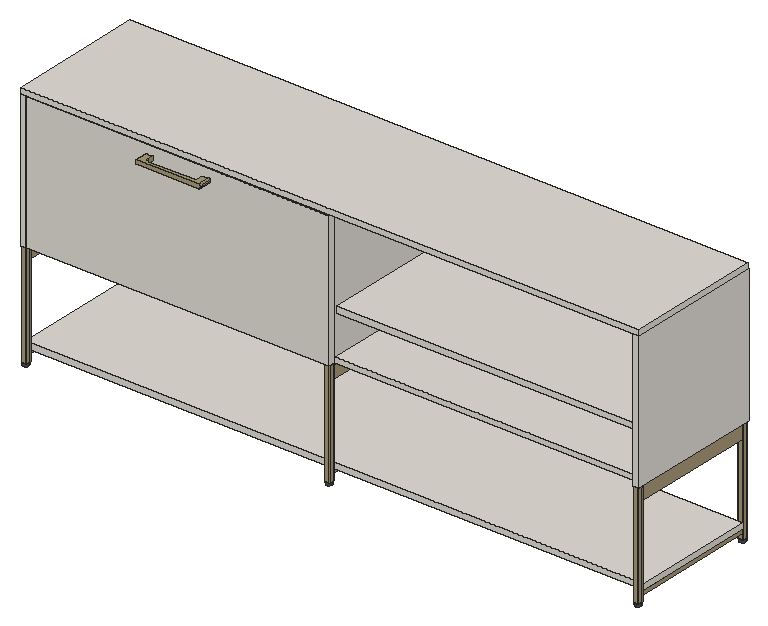
Revit family "Storage-Teknion-LWBHD-Byward_High_Cabinate_Casual_Drawer-R2022", category Furniture, Revit 2022 (continued)
Dimensions and locks (in)
  locked: Revolve 27 sketch curve to plane 5 "Right" at 0.34545
  locked: plane 8 "Top" to plane 9 at 2
  Revolve 29 sketch curve to Revolve 29 sketch curve to plane 10 "Right Divider" = 0.24977" locked, 0.12823" locked
  Revolve 29 sketch curve to Revolve 29 sketch curve to plane 2 = 0.075" locked, 0.250" locked
  Revolve 30 sketch curve to Revolve 30 sketch curve to Revolve 30 sketch curve to plane 10 "Right Divider" = 0.24977" locked, 0.12823" locked, 0.000" locked
  plane 2 to Revolve 30 sketch curve to Revolve 30 sketch curve = 0.250" locked, 0.075" locked
  aligned and locked: level to plane 2
  aligned and locked: Sweep 1 sketch curve to plane 3 "Center Left/Right"
  aligned and locked: plane 8 "Top" to Sweep 1 sketch curve
  aligned and locked: plane 4 "Left" to Sweep 1 sketch curve
  aligned and locked: plane 5 "Right" to Sweep 1 sketch curve
  aligned and locked: Sweep 1 sketch curve to plane 7 "Front"
  aligned and locked: Sweep 1 sketch curve to plane 6 "Back"
  aligned and locked: Sweep 2 sketch curve to plane 3 "Center Left/Right"
  aligned and locked: plane 6 "Back" to Sweep 2 sketch curve
  aligned and locked: plane 7 "Front" to Sweep 2 sketch curve
  aligned and locked: Sweep 2 sketch curve to plane 4 "Left"
  aligned and locked: Sweep 2 sketch curve to plane 5 "Right"
  aligned and locked: Sweep 3 sketch curve to plane 3 "Center Left/Right"
  aligned and locked: Sweep 3 sketch curve to plane 4 "Left"
  aligned and locked: Sweep 3 sketch curve to plane 5 "Right"
  aligned and locked: Sweep 4 sketch curve to plane 6 "Back"  (x2)
  aligned and locked: plane 3 "Center Left/Right" to Sweep 6 sketch curve
  aligned and locked: Sweep 8 sketch curve to plane 3 "Center Left/Right"
  aligned and locked: Sweep 9 sketch curve to plane 3 "Center Left/Right"
  aligned and locked: Sweep 13 sketch curve to plane 7 "Front"
  aligned and locked: plane 10 "Right Divider" to Sweep 7 sketch curve
  aligned and locked: plane 10 "Right Divider" to Sweep 14 sketch curve
  aligned and locked: plane 7 "Front" to Sweep 18 sketch curve
  aligned and locked: Sweep 5 sketch curve to plane 10 "Right Divider"
  aligned and locked: Sweep 22 sketch curve to plane 3 "Center Left/Right"
  aligned and locked: nested 3 to plane 9
  aligned and locked: nested 3 to plane 7 "Front"
  aligned and locked: plane 11 to nested 2
  aligned and locked: nested 4 to plane 12
  aligned and locked: nested 4 to plane 7 "Front"
  aligned and locked: nested 1 to plane 12
  aligned and locked: nested 5 to plane 9
  aligned and locked: plane 11 to nested 5
  aligned and locked: plane 7 "Front" to nested 5
  aligned and locked: nested 6 to plane 12
  aligned and locked: nested 6 to plane 7 "Front"
  aligned and locked: plane 9 to nested 6
  aligned and locked: plane 11 to Sweep 23 sketch curve
  aligned and locked: plane 12 to Sweep 24 sketch curve
  aligned and locked: Sweep 24 sketch curve to plane 7 "Front"
  aligned and locked: Masking region 1 sketch curve to Sweep 1  (x4)
  aligned and locked: curve 1 to Sweep 2
  aligned and locked: curve 2 to Sweep 2
  aligned and locked: curve 3 to Sweep 2
  aligned and locked: curve 4 to Sweep 2
  aligned and locked: curve 5 to Sweep 2
  aligned and locked: curve 6 to Sweep 2
  aligned and locked: curve 7 to Sweep 2
  aligned and locked: Sweep 2 to curve 8
  aligned and locked: curve 9 to cut or joined group of Sweep 5, Sweep 21
  aligned and locked: curve 10 to cut or joined group of Sweep 5, Sweep 21
  aligned and locked: curve 11 to cut or joined group of Sweep 5, Sweep 21
  aligned and locked: curve 12 to cut or joined group of Sweep 5, Sweep 21
  aligned and locked: curve 13 to Sweep 18
  aligned and locked: curve 14 to Sweep 18
  aligned and locked: curve 15 to Sweep 18
  aligned and locked: curve 16 to Sweep 18
  aligned and locked: curve 17 to Sweep 13
  aligned and locked: curve 18 to Sweep 13
  aligned and locked: curve 19 to Sweep 13
  aligned and locked: curve 20 to Sweep 13
  aligned and locked: curve 21 to Sweep 4
  aligned and locked: curve 22 to Sweep 4
  aligned and locked: curve 23 to Sweep 4
  aligned and locked: curve 24 to Sweep 4
  aligned and locked: curve 25 to Sweep 15
  aligned and locked: curve 26 to Sweep 15
  aligned and locked: curve 27 to Sweep 15
  aligned and locked: curve 28 to Sweep 15
  aligned and locked: curve 29 to Sweep 16
  aligned and locked: curve 30 to Sweep 16
  aligned and locked: curve 31 to Sweep 16
  aligned and locked: curve 32 to Sweep 16
  aligned and locked: curve 33 to Sweep 16
  aligned and locked: curve 34 to Sweep 16
  aligned and locked: curve 35 to Sweep 16
  aligned and locked: curve 36 to Sweep 16
  aligned and locked: curve 37 to Sweep 10
  aligned and locked: curve 38 to Sweep 10
  aligned and locked: curve 39 to Sweep 10
  aligned and locked: curve 40 to Sweep 10
  aligned and locked: curve 41 to Sweep 11
  aligned and locked: curve 42 to Sweep 11
  aligned and locked: curve 43 to Sweep 11
  aligned and locked: curve 44 to Sweep 11
  aligned and locked: curve 45 to Sweep 11
  aligned and locked: curve 46 to Sweep 11
  aligned and locked: curve 47 to Sweep 11
  aligned and locked: curve 48 to Sweep 11
  aligned and locked: curve 49 to Sweep 19
  aligned and locked: curve 50 to Sweep 19
  aligned and locked: curve 51 to Sweep 19
  aligned and locked: curve 52 to Sweep 19
  aligned and locked: curve 53 to Sweep 9
  aligned and locked: curve 54 to Sweep 9
  aligned and locked: curve 55 to Sweep 9
  aligned and locked: curve 56 to Sweep 9
  aligned and locked: curve 57 to Sweep 22
  aligned and locked: curve 58 to Sweep 22
  aligned and locked: curve 59 to Sweep 22
  aligned and locked: curve 60 to Sweep 22
  aligned and locked: curve 61 to Sweep 3
  aligned and locked: curve 62 to Sweep 3
  aligned and locked: curve 63 to Sweep 3
  aligned and locked: curve 64 to Sweep 3
  aligned and locked: curve 65 to cut or joined group of Sweep 8, Sweep 21
  aligned and locked: curve 66 to cut or joined group of Sweep 8, Sweep 21
  aligned and locked: curve 67 to cut or joined group of Sweep 8, Sweep 21
  aligned and locked: curve 68 to cut or joined group of Sweep 8, Sweep 21
  aligned and locked: curve 69 to cut or joined group of Sweep 8, Sweep 21
  aligned and locked: curve 70 to cut or joined group of Sweep 8, Sweep 21
  aligned and locked: curve 71 to cut or joined group of Sweep 8, Sweep 21
  aligned and locked: curve 72 to cut or joined group of Sweep 8, Sweep 21
  aligned and locked: curve 73 to cut or joined group of Sweep 8, Sweep 21
  aligned and locked: cut or joined group of Sweep 8, Sweep 21 to curve 74
  aligned and locked: plane 7 "Front" to Sweep 23 sketch curve
  aligned and locked: nested 2 to plane 7 "Front"
  aligned and locked: plane 7 "Front" to nested 1
  aligned and locked: curve 75 to cut or joined group of Sweep 20, Sweep 21
  aligned and locked: curve 76 to cut or joined group of Sweep 20, Sweep 21
  aligned and locked: curve 77 to cut or joined group of Sweep 20, Sweep 21
  aligned and locked: curve 78 to cut or joined group of Sweep 20, Sweep 21
  aligned and locked: curve 79 to cut or joined group of Sweep 20, Sweep 21
  aligned and locked: curve 80 to cut or joined group of Sweep 14, Sweep 21
  aligned and locked: curve 81 to cut or joined group of Sweep 14, Sweep 21
  aligned and locked: curve 82 to cut or joined group of Sweep 14, Sweep 21
  aligned and locked: curve 83 to cut or joined group of Sweep 14, Sweep 21
  aligned and locked: curve 85 to Sweep 6
  aligned and locked: curve 87 to Sweep 6
  aligned and locked: curve 89 to Sweep 6
  aligned and locked: curve 91 to Sweep 6
  aligned and locked: curve 93 to Sweep 6
  aligned and locked: curve 95 to Sweep 6
  aligned and locked: curve 97 to Sweep 6
  aligned and locked: curve 99 to Sweep 6
  aligned and locked: curve 101 to Sweep 6
  aligned and locked: curve 103 to Sweep 6
  aligned and locked: curve 105 to Sweep 6
  aligned and locked: curve 107 to Sweep 6
  aligned and locked: curve 109 to Sweep 6
  aligned and locked: curve 111 to Sweep 6
  aligned and locked: curve 113 to Sweep 6
  aligned and locked: curve 115 to Sweep 6
  aligned and locked: curve 117 to Sweep 7
  aligned and locked: curve 119 to Sweep 7
  aligned and locked: curve 121 to Sweep 7
  aligned and locked: curve 123 to Sweep 7
  aligned and locked: curve 125 to Sweep 7
  aligned and locked: curve 127 to Sweep 7
  aligned and locked: curve 129 to Sweep 7
  aligned and locked: curve 130 to Sweep 7
  aligned and locked: plane 2 to Revolve 28 sketch curve
  aligned and locked: plane 2 to Revolve 25 sketch curve
  aligned and locked: curve 131 to Revolve 28
  aligned and locked: curve 132 to Revolve 28
  aligned and locked: curve 133 to Revolve 28
  aligned and locked: curve 134 to Revolve 28
  aligned and locked: nested 3 to plane 11
  aligned and locked: Revolve 26 sketch curve to plane 2
  aligned and locked: plane 2 to Revolve 27 sketch curve
  aligned and locked: nested 2 to plane 9
  aligned and locked: nested 1 to plane 9
  aligned and locked: plane 9 to nested 4
  aligned and locked: Masking region 2 sketch curve to Sweep 23  (x4)
  aligned and locked: Masking region 3 sketch curve to Sweep 24  (x4)
  aligned and locked: curve 135 to cut or joined group of Sweep 20, Sweep 21
  aligned and locked: Revolve 29 sketch curve to plane 2
  aligned and locked: plane 10 "Right Divider" to Revolve 29 sketch curve  (x2)
  aligned and locked: curve 136 to Revolve 30
  aligned and locked: curve 137 to Revolve 30
  aligned and locked: curve 138 to Revolve 30
  aligned and locked: curve 139 to Revolve 30
  aligned and locked: curve 140 to Revolve 30
  aligned and locked: curve 141 to Revolve 30
  aligned and locked: curve 142 to Revolve 29
  aligned and locked: curve 143 to Revolve 29
  aligned and locked: curve 144 to Revolve 29
  aligned and locked: curve 145 to Revolve 29
  aligned and locked: curve 146 to Revolve 29
  aligned and locked: curve 147 to Revolve 29
  aligned and locked: curve 148 to Revolve 25
  aligned and locked: curve 149 to Revolve 25
  aligned and locked: curve 150 to Revolve 25
  aligned and locked: curve 151 to Revolve 25
  aligned and locked: curve 152 to Revolve 25
  aligned and locked: curve 153 to Revolve 28
  aligned and locked: curve 154 to Revolve 28
  aligned and locked: curve 155 to Revolve 27
  aligned and locked: curve 156 to Revolve 27
  aligned and locked: curve 157 to Revolve 27
  aligned and locked: curve 158 to Revolve 27
  aligned and locked: curve 159 to Revolve 27
  aligned and locked: curve 160 to Revolve 27
  aligned and locked: curve 161 to Revolve 26
  aligned and locked: curve 162 to Revolve 26
  aligned and locked: curve 163 to Revolve 26
  aligned and locked: curve 164 to Revolve 26
  aligned and locked: curve 165 to Revolve 26
  aligned and locked: curve 166 to Revolve 26
  aligned and locked: curve 167 to Sweep 1
  aligned and locked: curve 168 to Sweep 1
  aligned and locked: curve 169 to Sweep 1
  aligned and locked: curve 170 to Sweep 1
  aligned and locked: plane 4 "Left" to nested 7
  aligned and locked: nested 7 to plane 6 "Back"
  aligned and locked: plane 7 "Front" to nested 8
  aligned and locked: plane 4 "Left" to nested 8
  aligned and locked: plane 7 "Front" to nested 9
  aligned and locked: nested 9 to plane 5 "Right"
  aligned and locked: nested 10 to plane 6 "Back"
  aligned and locked: nested 10 to plane 5 "Right"
  aligned and locked: plane 3 "Center Left/Right" to nested 11
  aligned and locked: plane 1 "Center Front/Back" to nested 11
Automatic sketch dimensions
  Sweep 6 sketch curve to Sweep 6 sketch curve = 0.0868"  (x4)
  Sweep 6 sketch curve to Sweep 6 sketch curve = 0.0932"  (x4)
  Sweep 6 sketch curve to Sweep 6 sketch curve = 0.0676"  (x2)
  Sweep 6 sketch curve to Sweep 6 sketch curve = 0.0876"  (x2)
  Sweep 6 sketch curve to Sweep 6 sketch curve = 0.0924"  (x2)
  Sweep 6 sketch curve to Sweep 6 sketch curve = 0.1236"  (x2)
  Sweep 7 sketch curve to Sweep 7 sketch curve = 0.090"  (x6)
  Sweep 7 sketch curve to Sweep 7 sketch curve = 0.1012"  (x2)
  Sweep 21 sketch curve to Sweep 21 sketch curve = 0.50794"
  Sweep 23 sketch curve to Sweep 23 sketch curve = 0.31972"  (x2)
  Sweep 23 sketch curve to Sweep 23 sketch curve = 0.36226"
  Sweep 23 sketch curve to Sweep 23 sketch curve = 0.36234"
  Sweep 23 sketch curve to Sweep 23 sketch curve = 0.000"
  Sweep 23 sketch curve to Sweep 23 sketch curve = 0.31968"
  Sweep 24 sketch curve to Sweep 24 sketch curve = 0.36226"
  Sweep 24 sketch curve to Sweep 24 sketch curve = 0.36234"
  Sweep 24 sketch curve to Sweep 24 sketch curve = 0.31972"  (x2)
  Sweep 24 sketch curve to Sweep 24 sketch curve = 0.00008"
  Revolve 25 sketch curve to Revolve 25 sketch curve = 0.040"
  Revolve 25 sketch curve to level = 0.175"
  Revolve 25 sketch curve to Revolve 25 sketch curve = 0.2882"
  Revolve 28 sketch curve to Revolve 28 sketch curve = 0.040"
  level to Revolve 28 sketch curve = 0.175"
  Revolve 28 sketch curve to Revolve 28 sketch curve = 0.2882"
  Revolve 26 sketch curve to Revolve 26 sketch curve = 0.040"
  Revolve 26 sketch curve to Revolve 26 sketch curve = 0.175"
  Revolve 26 sketch curve to Revolve 26 sketch curve = 0.2882"
  Revolve 27 sketch curve to Revolve 27 sketch curve = 0.338"
  Revolve 27 sketch curve to Revolve 27 sketch curve = 0.175"
  Revolve 27 sketch curve to Revolve 27 sketch curve = 0.2882"
  plane 7 "Front" to Masking region 2 sketch curve = 0.36226"
  Masking region 2 sketch curve to Masking region 2 sketch curve = 0.31972"  (x2)
  Masking region 2 sketch curve to Masking region 2 sketch curve = 0.31968"
  Masking region 2 sketch curve to Masking region 2 sketch curve = 0.000"
  Masking region 3 sketch curve to Masking region 3 sketch curve = 0.31972"  (x2)
  plane 7 "Front" to Masking region 3 sketch curve = 0.36234"
  plane 7 "Front" to Masking region 3 sketch curve = 0.36226"
  Masking region 3 sketch curve to Masking region 3 sketch curve = 0.000"
  Revolve 29 sketch curve to Revolve 29 sketch curve = 0.040"
  Revolve 29 sketch curve to level = 0.175"
  Revolve 29 sketch curve to Revolve 29 sketch curve = 0.2882"
  Revolve 30 sketch curve to level = 0.000"
  Revolve 30 sketch curve to Revolve 30 sketch curve = 0.040"
  plane 10 "Right Divider" to Revolve 30 sketch curve = 0.000"
  level to Revolve 30 sketch curve = 0.175"
  Revolve 30 sketch curve to Revolve 30 sketch curve = 0.2882"
  curve 81 to plane 14 "B1" = 0.30177"
  curve 49 to curve 83 = 0.078"
  curve 83 to curve 82 = 0.03505"
  curve 83 to curve 82 = 0.000"
  curve 169 to plane 4 "Left" = 0.000"
  curve 169 to plane 5 "Right" = 0.000"
  plane 7 "Front" to curve 169 = 0.000"
  curve 168 to plane 6 "Back" = 0.000"
Nested families (in)
  nested 1: "Byward Pull Handle" at (17.3125, -8, -36), visible <- "Right Byward Handle", Handle Leather Finish <- "Byward Pull Handle Leather Finish", type "Byward Pull"
    with To render please download texture images found here "https://assets.teknion.com/web/5e81352c1dfdb467/revit-material-swatches/", How To Use Teknion Materials User Guide "https://assets.teknion.com/m/205dd0a49fa58060/original/How-to-add-a-Material-Library-and-Texture-Images-to-your-Revit-project.pdf", Handle Leather Finish Leather-Teknion-N68-Natural, For Additional Finishes please visit "https://assets.teknion.com/m/44a8009b046e5d47/original/Teknion_Materials_Library.zip"
  nested 2: "Byward Pull Handle" at (-17.9995, -8, -36) x (-1, 0, 0) z (0, 0, 1), visible <- "Left Byward Pull Handle", Handle Leather Finish <- "Byward Pull Handle Leather Finish", type "Byward Pull"
    with To render please download texture images found here "https://assets.teknion.com/web/5e81352c1dfdb467/revit-material-swatches/", How To Use Teknion Materials User Guide "https://assets.teknion.com/m/205dd0a49fa58060/original/How-to-add-a-Material-Library-and-Texture-Images-to-your-Revit-project.pdf", Handle Leather Finish Leather-Teknion-N68-Natural, For Additional Finishes please visit "https://assets.teknion.com/m/44a8009b046e5d47/original/Teknion_Materials_Library.zip"
  nested 3: "Rectangular Pull Handle" at (-17.9995, -8, -36), visible <- "Left Rectangular Pull Handle", Handle Paint Finish <- "Metal Leg & Handle Finish", type "Rectangular Pull"
    with To render please download texture images found here "https://assets.teknion.com/web/5e81352c1dfdb467/revit-material-swatches/", How To Use Teknion Materials User Guide "https://assets.teknion.com/m/205dd0a49fa58060/original/How-to-add-a-Material-Library-and-Texture-Images-to-your-Revit-project.pdf", Handle Paint Finish Paint - Teknion - CQ - Accent - Soft Gold, For Additional Finishes please visit "https://assets.teknion.com/m/44a8009b046e5d47/original/Teknion_Materials_Library.zip"
  nested 4: "Rectangular Pull Handle" at (17.3125, -8, -36) x (-1, 0, 0) z (0, 0, 1), visible <- "Right Rectangular Pull Handle", Handle Paint Finish <- "Metal Leg & Handle Finish", type "Rectangular Pull"
    with To render please download texture images found here "https://assets.teknion.com/web/5e81352c1dfdb467/revit-material-swatches/", How To Use Teknion Materials User Guide "https://assets.teknion.com/m/205dd0a49fa58060/original/How-to-add-a-Material-Library-and-Texture-Images-to-your-Revit-project.pdf", Handle Paint Finish Paint - Teknion - CQ - Accent - Soft Gold, For Additional Finishes please visit "https://assets.teknion.com/m/44a8009b046e5d47/original/Teknion_Materials_Library.zip"
  nested 5: "Modern_Straight_Pull Handle" at (-17.9995, -8, -36), visible <- "Left Modern Straight (ADA) Handle", Handle Paint Finish <- "Metal Leg & Handle Finish", type "Modern Straight Pull"
    with To render please download texture images found here "https://assets.teknion.com/web/5e81352c1dfdb467/revit-material-swatches/", How To Use Teknion Materials User Guide "https://assets.teknion.com/m/205dd0a49fa58060/original/How-to-add-a-Material-Library-and-Texture-Images-to-your-Revit-project.pdf", Handle Paint Finish Paint - Teknion - CQ - Accent - Soft Gold, For Additional Finishes please visit "https://assets.teknion.com/m/44a8009b046e5d47/original/Teknion_Materials_Library.zip"
  nested 6: "Modern_Straight_Pull Handle" at (17.3125, -8, -36) x (-1, 0, 0) z (0, 0, 1), visible <- "Right Modern Straight (ADA) Handle", Handle Paint Finish <- "Metal Leg & Handle Finish", type "Modern Straight Pull"
    with To render please download texture images found here "https://assets.teknion.com/web/5e81352c1dfdb467/revit-material-swatches/", How To Use Teknion Materials User Guide "https://assets.teknion.com/m/205dd0a49fa58060/original/How-to-add-a-Material-Library-and-Texture-Images-to-your-Revit-project.pdf", Handle Paint Finish Paint - Teknion - CQ - Accent - Soft Gold, For Additional Finishes please visit "https://assets.teknion.com/m/44a8009b046e5d47/original/Teknion_Materials_Library.zip"
  nested 7: "Teknion_2D_Node_Family-R2021" at (-36.3435, 8, 0), type "Teknion_2D_Node_Family-R2021"
  nested 8: "Teknion_2D_Node_Family-R2021" at (-36.3435, -8, 0), type "Teknion_2D_Node_Family-R2021"
  nested 9: "Teknion_2D_Node_Family-R2021" at (35.6565, -8, 0), type "Teknion_2D_Node_Family-R2021"
  nested 10: "Teknion_2D_Node_Family-R2021" at (35.6565, 8, 0), type "Teknion_2D_Node_Family-R2021"
  nested 11: "Teknion_2D_Node_Family-R2021" at (-0.3435, 0, 0), type "Teknion_2D_Node_Family-R2021"
Definition of nested family "Byward Pull Handle"
  Parameters (values of type "Byward Pull")
    Width = 0.000"
    Warranty = "http://www.teknion.com/ca/papers/legal-canada"
    Unit Weight URL = "http://www.teknion.com/ca/tools/assets#&asset=bee6a381-b954-425e-8283-5a2de3a804f2,f828d448-4b62-4231-9e5f-9a8991c0ed77"
    URL = "www.teknion.com"
    To render please download texture images found here [instance] = "https://assets.teknion.com/web/5e81352c1dfdb467/revit-material-swatches/"
    Sustainability Data = "https://www.teknion.com/ca/tools/assets#&topic=216f99a5-57a0-44fc-b10a-9dee9b29ae4c&asset=444deb64-fe58-4b68-981e-f75e97781df7,b4ff2d81-9f2e-437d-9659-7cffb09c31cf"
    Series = ""
    Product Page URL = ""
    Product Line = ""
    Product Documentation Link = ""
    Part Number = ""
    Model = "1"
    Manufacturer Phone = "416-661-3370"  # constant formula
    Manufacturer Fax = "416.661.4586"  # constant formula
    Manufacturer Contact Information = "http://www.teknion.com/ca/contactus"
    Manufacturer Address = "1150 Flint Road, Toronto, ON. M3J 2J5. Canada"  # constant formula
    Manufacturer = "Teknion"  # constant formula
    Length = 0.000"
    How To Use Teknion Materials User Guide [instance] = "https://assets.teknion.com/m/205dd0a49fa58060/original/How-to-add-a-Material-Library-and-Texture-Images-to-your-Revit-project.pdf"
    Height = 63.000"
    Handle Paint Finish = none
    Handle Leather Finish [instance] = none
    For Additional Finishes please visit [instance] = "https://assets.teknion.com/m/44a8009b046e5d47/original/Teknion_Materials_Library.zip"
    Depth = 0.000"
    Default Elevation = 0.000"
    Byward Pull Handle = yes
    Assembly Code = "E2020200"
  Reference planes (in)
    plane 1 "Center Front/Back": y = 0
    plane 2: z = 0
    plane 3 "Center Left/Right": x = 0
    plane 4 "Left": x = -51
    plane 5 "Right": x = 51
    plane 6 "Back": y = 41.78173
    plane 7 "Front": y = -41.78173
    plane 8 "Top": z = 63
  Forms (in)
    Sweep 1, solid, material <- "Handle Leather Finish", visible <- "Byward Pull Handle"
      path origin (-18.69853, 20.8797, 86.441) x (0, 0, -1) y (0, -1, 0)
        loop
          line (22.941, 3) -> (23.941, 3)
      profile origin (-18.69853, 17.8797, 63) x (-1, 0, 0) y (0, -1, 0)
        loop
          line (-15.89549, 18.1947) -> (-16.46083, 18.21666)
          spline (-16.46083, 18.21666) -> (-17.12545, 18.29802) -> (-17.53202, 18.34627) -> (-17.78142, 18.37234) -> (-17.97395, 18.38713) -> (-18.17376, 18.39782) -> (-18.38749, 18.40567) -> (-18.61667, 18.41145) -> (-18.87083, 18.41393) -> (-19.18701, 18.40512) -> (-19.60814, 18.3756) -> (-20.17714, 18.31592) -> (-20.93695, 18.21666)
          line (-20.93695, 18.21666) -> (-21.51146, 18.1947) -> (-22.18392, 18.1947)
          arc (-22.18392, 18.1947) -> (-22.28504, 18.16224) -> (-22.32835, 18.06527) r 0.1302
          line (-22.32835, 18.06527) -> (-22.32835, 18.00913)
          arc (-22.32835, 18.00913) -> (-22.28504, 17.91216) -> (-22.18392, 17.8797) r 0.1302
          line (-22.18392, 17.8797) -> (-21.50158, 17.8797) -> (-21.50158, 17.9777) -> (-22.1985, 17.9777)
          arc (-22.1985, 17.9777) -> (-22.22072, 17.9869) -> (-22.22992, 18.00913) r 0.03143
          line (-22.22992, 18.00913) -> (-22.22992, 18.06527)
          arc (-22.22992, 18.06527) -> (-22.22072, 18.0875) -> (-22.1985, 18.0967) r 0.03143
          line (-22.1985, 18.0967) -> (-21.50033, 18.0967) -> (-20.93695, 18.11823)
          spline (-20.93695, 18.11823) -> (-20.17714, 18.2175) -> (-19.60814, 18.27717) -> (-19.18701, 18.3067) -> (-18.87083, 18.3155) -> (-18.61667, 18.31302) -> (-18.38749, 18.30725) -> (-18.17376, 18.29939) -> (-17.97395, 18.2887) -> (-17.78142, 18.27391) -> (-17.53202, 18.24784) -> (-17.12545, 18.1996) -> (-16.46083, 18.11823)
          line (-16.46083, 18.11823) -> (-15.89549, 18.09627) -> (-15.19814, 18.09627)
          arc (-15.19814, 18.09627) -> (-15.17622, 18.0872) -> (-15.16714, 18.06527) r 0.031
          line (-15.16714, 18.06527) -> (-15.16714, 18.00913)
          arc (-15.16714, 18.00913) -> (-15.17622, 17.9872) -> (-15.19814, 17.97813) r 0.031
          line (-15.19814, 17.97813) -> (-15.89549, 17.97813) -> (-15.89549, 17.8797) -> (-15.20421, 17.8797)
          arc (-15.20421, 17.8797) -> (-15.10879, 17.91544) -> (-15.06872, 18.00913) r 0.12956
          line (-15.06872, 18.00913) -> (-15.06872, 18.06527)
          arc (-15.06872, 18.06527) -> (-15.10663, 18.15679) -> (-15.19814, 18.1947) r 0.12943
          line (-15.19814, 18.1947) -> (-15.89549, 18.1947)
    Sweep 2, solid, material <- "Handle Paint Finish", visible <- "Byward Pull Handle"
      path origin (-19.48593, 14.77998, 86.441) x (0, 0, -1) y (0, 1, 0)
        loop
          line (22.941, -14.77998) -> (22.941, -15.09525) -> (23.941, -15.09525) -> (23.941, -14.77998)
      profile origin (-19.48593, -0.31528, 63) x (1, 0, 0) y (0, 1, 0)
        loop
          line (22.88984, -0.15539) -> (22.89134, -0.09815) -> (22.96957, -0.09815) -> (22.97161, -0.02024) -> (22.30022, -0.02024) -> (22.30226, -0.09815) -> (22.38048, -0.09815) -> (22.38198, -0.15539)
          spline (22.38198, -0.15539) -> (22.42195, -0.15002) -> (22.46235, -0.14562) -> (22.50318, -0.1422) -> (22.54443, -0.13975) -> (22.58611, -0.13828) -> (22.62822, -0.1378) -> (22.67076, -0.13828) -> (22.71372, -0.13975) -> (22.75711, -0.1422) -> (22.80093, -0.14562) -> (22.84517, -0.15002) -> (22.88984, -0.15539)
        loop
          line (16.59107, -0.15539) -> (16.59257, -0.09815) -> (16.6708, -0.09815) -> (16.67284, -0.02024) -> (16.00145, -0.02024) -> (16.00349, -0.09815) -> (16.08171, -0.09815) -> (16.08321, -0.15539)
          spline (16.08321, -0.15539) -> (16.12318, -0.15002) -> (16.16358, -0.14562) -> (16.20441, -0.1422) -> (16.24566, -0.13975) -> (16.28734, -0.13828) -> (16.32945, -0.1378) -> (16.37198, -0.13828) -> (16.41495, -0.13975) -> (16.45834, -0.1422) -> (16.50215, -0.14562) -> (16.5464, -0.15002) -> (16.59107, -0.15539)
  Lines and regions (in)
    Masking region 1
      outline origin (0, 0, 0) x (1, 0, 0) y (0, 1, 0)
        loop
          line (-3.48245, -0.41343) -> (-3.40422, -0.41343) -> (-3.40273, -0.47067)
          spline (-3.40273, -0.47067) -> (-3.36275, -0.46529) -> (-3.32236, -0.46089) -> (-3.28153, -0.45747) -> (-3.24028, -0.45503) -> (-3.19859, -0.45356) -> (-3.15649, -0.45307) -> (-3.11395, -0.45356) -> (-3.07099, -0.45503) -> (-3.0276, -0.45747) -> (-2.98378, -0.46089) -> (-2.93953, -0.46529) -> (-2.89486, -0.47067)
          line (-2.89486, -0.47067) -> (-2.89336, -0.41343) -> (-2.81514, -0.41343) -> (-2.81255, -0.31463) -> (-2.81255, 0) -> (-3.48245, 0) -> (-3.48245, -0.41343)
        loop
          line (3.48245, -0.41343) -> (3.48245, 0) -> (2.81255, 0) -> (2.81255, -0.31463) -> (2.81514, -0.41343) -> (2.89336, -0.41343) -> (2.89486, -0.47067)
          spline (2.89486, -0.47067) -> (2.93953, -0.46529) -> (2.98378, -0.46089) -> (3.0276, -0.45747) -> (3.07099, -0.45503) -> (3.11395, -0.45356) -> (3.15649, -0.45307) -> (3.19859, -0.45356) -> (3.24028, -0.45503) -> (3.28153, -0.45747) -> (3.32236, -0.46089) -> (3.36275, -0.46529) -> (3.40273, -0.47067)
          line (3.40273, -0.47067) -> (3.40422, -0.41343) -> (3.48245, -0.41343)
    Masking region 2
      outline origin (0, 0, 0) x (1, 0, 0) y (0, 1, 0)
        loop
          line (-2.2377, -0.23853) -> (-2.80304, -0.21657) -> (-3.50039, -0.21657)
          arc (-3.50039, -0.21657) -> (-3.52231, -0.2075) -> (-3.53139, -0.18557) r 0.031
          line (-3.53139, -0.18557) -> (-3.53139, -0.12943)
          arc (-3.53139, -0.12943) -> (-3.52231, -0.1075) -> (-3.50039, -0.09843) r 0.031
          line (-3.50039, -0.09843) -> (-2.80304, -0.09843) -> (-2.80304, 0) -> (-3.49432, 0)
          arc (-3.49432, 0) -> (-3.58975, -0.03574) -> (-3.62981, -0.12943) r 0.12956
          line (-3.62981, -0.12943) -> (-3.62981, -0.18557)
          arc (-3.62981, -0.18557) -> (-3.59191, -0.27709) -> (-3.50039, -0.315) r 0.12943
          line (-3.50039, -0.315) -> (-2.80304, -0.315) -> (-2.2377, -0.33696)
          spline (-2.2377, -0.33696) -> (-1.57309, -0.41832) -> (-1.16651, -0.46657) -> (-0.91712, -0.49264) -> (-0.72458, -0.50743) -> (-0.52478, -0.51812) -> (-0.31105, -0.52597) -> (-0.08187, -0.53175) -> (0.1723, -0.53423) -> (0.48848, -0.52542) -> (0.90961, -0.4959) -> (1.47861, -0.43622) -> (2.23842, -0.33696)
          line (2.23842, -0.33696) -> (2.81292, -0.315) -> (3.48539, -0.315)
          arc (3.48539, -0.315) -> (3.58651, -0.28254) -> (3.62981, -0.18557) r 0.1302
          line (3.62981, -0.18557) -> (3.62981, -0.12943)
          arc (3.62981, -0.12943) -> (3.58651, -0.03246) -> (3.48539, 0) r 0.1302
          line (3.48539, 0) -> (2.80304, 0) -> (2.80304, -0.098) -> (3.49996, -0.098)
          arc (3.49996, -0.098) -> (3.52219, -0.1072) -> (3.53139, -0.12943) r 0.03143
          line (3.53139, -0.12943) -> (3.53139, -0.18557)
          arc (3.53139, -0.18557) -> (3.52219, -0.2078) -> (3.49996, -0.217) r 0.03143
          line (3.49996, -0.217) -> (2.8018, -0.217) -> (2.23842, -0.23853)
          spline (2.23842, -0.23853) -> (1.47861, -0.3378) -> (0.90961, -0.39747) -> (0.48848, -0.427) -> (0.1723, -0.4358) -> (-0.08187, -0.43332) -> (-0.31105, -0.42755) -> (-0.52478, -0.41969) -> (-0.72458, -0.409) -> (-0.91712, -0.39421) -> (-1.16651, -0.36814) -> (-1.57309, -0.3199) -> (-2.2377, -0.23853)
    Masking region 3
      outline origin (0, 0, 0) x (1, 0, 0) y (0, 1, 0)
        loop
          spline (-3.40273, -0.47067) -> (-3.36275, -0.46529) -> (-3.32236, -0.46089) -> (-3.28153, -0.45747) -> (-3.24028, -0.45503) -> (-3.19859, -0.45356) -> (-3.15649, -0.45307) -> (-3.11395, -0.45356) -> (-3.07099, -0.45503) -> (-3.0276, -0.45747) -> (-2.98378, -0.46089) -> (-2.93953, -0.46529) -> (-2.89486, -0.47067)
          line (-2.89486, -0.47067) -> (-2.89486, 0) -> (-3.40273, 0) -> (-3.40273, -0.47067)
        loop
          spline (2.89605, -0.47067) -> (2.93602, -0.46529) -> (2.97642, -0.46089) -> (3.01724, -0.45747) -> (3.0585, -0.45503) -> (3.10018, -0.45356) -> (3.14229, -0.45307) -> (3.18482, -0.45356) -> (3.22778, -0.45503) -> (3.27117, -0.45747) -> (3.31499, -0.46089) -> (3.35924, -0.46529) -> (3.40391, -0.47067)
          line (3.40391, -0.47067) -> (3.40391, 0) -> (2.89605, 0) -> (2.89605, -0.47067)
  Dimensions and locks (in)
    plane 4 "Left" to plane 5 "Right" = 102.000"
    plane 6 "Back" to plane 7 "Front" = 83.56345"
    "Height": plane 8 "Top" to level
    Sweep 2 sketch curve to Sweep 2 sketch curve to Sweep 2 sketch curve = 0.31528", 0.000" locked
    locked: Sweep 2 sketch curve to Sweep 2 sketch curve at 1
    aligned and locked: level to plane 2
    aligned and locked: Masking region 1 sketch curve to Sweep 2  (x2)
  Automatic sketch dimensions
    plane 8 "Top" to Sweep 1 sketch curve = 0.500"
    Sweep 1 sketch curve to plane 8 "Top" = 0.500"
    Sweep 1 sketch curve to plane 1 "Center Front/Back" = 17.8797"
    Sweep 1 sketch curve to Sweep 1 sketch curve = 0.000"  (x7)
    Sweep 1 sketch curve to profile plane = 22.32835"
    Sweep 1 sketch curve to Sweep 1 sketch curve = 0.09843"  (x3)
    Sweep 1 sketch curve to Sweep 1 sketch curve = 0.03143"  (x2)
    Sweep 1 sketch curve to Sweep 1 sketch curve = 0.00035"  (x2)
    Sweep 1 sketch curve to Sweep 1 sketch curve = 0.01457"  (x2)
    Sweep 1 sketch curve to Sweep 1 sketch curve = 0.67246"
    Sweep 1 sketch curve to Sweep 1 sketch curve = 0.00988"
    Sweep 1 sketch curve to Sweep 1 sketch curve = 0.01112"
    Sweep 1 sketch curve to Sweep 1 sketch curve = 0.5745"
    Sweep 1 sketch curve to Sweep 1 sketch curve = 4.47612"
    Sweep 1 sketch curve to Sweep 1 sketch curve = 0.56534"
    Sweep 1 sketch curve to Sweep 1 sketch curve = 0.69128"
    Sweep 1 sketch curve to Sweep 1 sketch curve = 0.00593"
    Sweep 1 sketch curve to Sweep 1 sketch curve = 0.00014"  (x2)
    Sweep 1 sketch curve to Sweep 1 sketch curve = 0.031"  (x2)
    Sweep 1 sketch curve to profile plane = 17.8797"
    Sweep 1 sketch curve to Sweep 1 sketch curve = 0.098"
    Sweep 1 sketch curve to Sweep 1 sketch curve = 0.05615"  (x3)
    Sweep 1 sketch curve to Sweep 1 sketch curve = 0.02153"
    Sweep 2 sketch curve to plane 1 "Center Front/Back" = 0.000"
    plane 8 "Top" to Sweep 2 sketch curve = 0.500"
    profile plane to Sweep 2 sketch curve = 0.02024"  (x2)
    profile plane to Sweep 2 sketch curve = 16.00145"
    Sweep 2 sketch curve to Sweep 2 sketch curve = 0.00204"  (x4)
    Sweep 2 sketch curve to Sweep 2 sketch curve = 0.07822"  (x4)
    profile plane to Sweep 2 sketch curve = 0.15539"  (x2)
    Sweep 2 sketch curve to Sweep 2 sketch curve = 0.0015"  (x4)
    Sweep 2 sketch curve to Sweep 2 sketch curve = 0.50786"  (x2)
    Sweep 2 sketch curve to Sweep 2 sketch curve = 5.62738"
    profile plane to Sweep 2 sketch curve = 0.09815"  (x2)
    Sweep 2 sketch curve to Sweep 2 sketch curve = 0.05725"
    Sweep 2 sketch curve to Sweep 2 sketch curve = 0.07791"
    Masking region 2 sketch curve to Masking region 2 sketch curve = 0.000"  (x10)
    plane 1 "Center Front/Back" to Masking region 2 sketch curve = 0.000"  (x2)
    plane 1 "Center Front/Back" to Masking region 2 sketch curve = 0.12943"
    Masking region 2 sketch curve to plane 3 "Center Left/Right" = 3.62981"
    Masking region 2 sketch curve to Masking region 2 sketch curve = 0.09843"  (x2)
    Masking region 2 sketch curve to Masking region 2 sketch curve = 0.031"  (x2)
    Masking region 2 sketch curve to Masking region 2 sketch curve = 0.00014"
    Masking region 2 sketch curve to Masking region 2 sketch curve = 0.69128"
    plane 1 "Center Front/Back" to Masking region 2 sketch curve = 0.315"
    plane 1 "Center Front/Back" to Masking region 2 sketch curve = 0.23853"
    Masking region 2 sketch curve to Masking region 2 sketch curve = 0.56534"
    plane 1 "Center Front/Back" to Masking region 2 sketch curve = 0.33696"
    plane 3 "Center Left/Right" to Masking region 2 sketch curve = 2.23842"
    plane 1 "Center Front/Back" to Masking region 2 sketch curve = 0.217"
    Masking region 2 sketch curve to Masking region 2 sketch curve = 0.56338"
    Masking region 2 sketch curve to Masking region 2 sketch curve = 0.00124"
    Masking region 2 sketch curve to Masking region 2 sketch curve = 0.01112"
    Masking region 2 sketch curve to Masking region 2 sketch curve = 0.68235"
    Masking region 2 sketch curve to Masking region 2 sketch curve = 0.01422"
    Masking region 2 sketch curve to Masking region 2 sketch curve = 0.00035"  (x2)
    Masking region 2 sketch curve to Masking region 2 sketch curve = 0.03143"
    Masking region 2 sketch curve to Masking region 2 sketch curve = 0.098"
    plane 1 "Center Front/Back" to Masking region 1 sketch curve = 0.000"  (x2)
    Masking region 1 sketch curve to Masking region 1 sketch curve = 0.07822"  (x4)
    plane 1 "Center Front/Back" to Masking region 1 sketch curve = 0.47067"  (x2)
    Masking region 1 sketch curve to Masking region 1 sketch curve = 0.50786"  (x2)
    plane 1 "Center Front/Back" to Masking region 1 sketch curve = 0.41343"  (x3)
    Masking region 1 sketch curve to Masking region 1 sketch curve = 0.0015"  (x3)
    plane 1 "Center Front/Back" to Masking region 1 sketch curve = 0.31463"
    Masking region 1 sketch curve to Masking region 1 sketch curve = 0.00259"  (x2)
    plane 3 "Center Left/Right" to Masking region 1 sketch curve = 2.81255"
    Masking region 1 sketch curve to Masking region 1 sketch curve = 0.09879"
    plane 1 "Center Front/Back" to Masking region 3 sketch curve = 0.000"  (x2)
    plane 1 "Center Front/Back" to Masking region 3 sketch curve = 0.47067"  (x2)
    Masking region 3 sketch curve to plane 3 "Center Left/Right" = 3.40273"
    Masking region 3 sketch curve to Masking region 3 sketch curve = 0.50786"  (x2)
    plane 3 "Center Left/Right" to Masking region 3 sketch curve = 2.89605"
Definition of nested family "Rectangular Pull Handle"
  Parameters (values of type "Rectangular Pull")
    Width = 0.000"
    Warranty = "http://www.teknion.com/ca/papers/legal-canada"
    Unit Weight URL = "http://www.teknion.com/ca/tools/assets#&asset=bee6a381-b954-425e-8283-5a2de3a804f2,f828d448-4b62-4231-9e5f-9a8991c0ed77"
    URL = "www.teknion.com"
    To render please download texture images found here [instance] = "https://assets.teknion.com/web/5e81352c1dfdb467/revit-material-swatches/"
    Sustainability Data = "https://www.teknion.com/ca/tools/assets#&topic=216f99a5-57a0-44fc-b10a-9dee9b29ae4c&asset=444deb64-fe58-4b68-981e-f75e97781df7,b4ff2d81-9f2e-437d-9659-7cffb09c31cf"
    Series = ""
    Rectangular Pull Handle = yes
    Product Page URL = ""
    Product Line = ""
    Product Documentation Link = ""
    Part Number = ""
    Model = "1"
    Manufacturer Phone = "416-661-3370"  # constant formula
    Manufacturer Fax = "416.661.4586"  # constant formula
    Manufacturer Contact Information = "http://www.teknion.com/ca/contactus"
    Manufacturer Address = "1150 Flint Road, Toronto, ON. M3J 2J5. Canada"  # constant formula
    Manufacturer = "Teknion"  # constant formula
    Length = 0.000"
    How To Use Teknion Materials User Guide [instance] = "https://assets.teknion.com/m/205dd0a49fa58060/original/How-to-add-a-Material-Library-and-Texture-Images-to-your-Revit-project.pdf"
    Height = 63.000"
    Handle Paint Finish [instance] = none
    For Additional Finishes please visit [instance] = "https://assets.teknion.com/m/44a8009b046e5d47/original/Teknion_Materials_Library.zip"
    Depth = 0.000"
    Default Elevation = 0.000"
    Byward Pull Handle = yes
    Assembly Code = "E2020200"
  Reference planes (in)
    plane 1 "Center Front/Back": y = 0
    plane 2: z = 0
    plane 3 "Center Left/Right": x = 0
    plane 4 "Left": x = -51
    plane 5 "Right": x = 51
    plane 6 "Back": y = 41.78173
    plane 7 "Front": y = -41.78173
    plane 8 "Top": z = 63
  Forms (in)
    Sweep 1, solid, material <- "Handle Paint Finish", visible <- "Rectangular Pull Handle"
      path origin (-32.60889, 4, 51.69174) x (0, 0, -1) y (1, 0, 0)
        loop
          line (-10.94639, 36.11749) -> (-10.94639, 29.11749)
      profile origin (0.0086, 4, 62.63813) x (0, 0, -1) y (0, -1, 0)
        loop
          line (-0.11187, 4.75) -> (-0.61187, 4.75) -> (-0.61842, 4) -> (-0.10533, 4) -> (-0.11187, 4.75)
    Sweep 2, void
      path origin (-32.60889, 3.99219, 51.69955) x (0, 0, -1) y (1, 0, 0)
        loop
          line (-10.94639, 30.31749) -> (-10.94639, 34.91749)
      profile origin (0.0086, 3.99219, 62.64594) x (0, 0, 1) y (0, -1, 0)
        loop
          arc (0.54231, 4.68) -> (0.30055, 4.65778) -> (0.08031, 4.55562) r 0.71197
          line (0.08031, 4.55562) -> (0.08031, 3.98293) -> (0.54839, 3.98293) -> (0.54231, 4.68)
  Cuts and joins
    Sweep 2 cuts Sweep 1
  Lines and regions (in)
    Masking region 1
      outline origin (0, 0, 0) x (1, 0, 0) y (0, 1, 0)
        loop
          line (-3.4914, -0.75) -> (3.5086, -0.75) -> (3.5086, 0) -> (-3.4914, 0) -> (-3.4914, -0.75)
    symbolic lines, detail levels medium+fine
      curve 1: line (-2.2914, -0.68781, 0) -> (-2.2914, 0, 0)
      curve 2: line (2.3086, -0.68781, 0) -> (2.3086, 0, 0)
      curve 3: line (-2.2914, -0.68781, 0) -> (2.3086, -0.68781, 0)
      curve 4: line (-2.2914, -0.57823, 0) -> (2.3086, -0.57823, 0)
  Dimensions and locks (in)
    plane 4 "Left" to plane 5 "Right" = 102.000"
    plane 6 "Back" to plane 7 "Front" = 83.56345"
    "Height": plane 8 "Top" to level
    Sweep 1 sketch curve to Sweep 1 sketch curve = 7.000"
    Sweep 2 sketch curve to Sweep 2 sketch curve = 4.600"
    Sweep 1 sketch curve to Sweep 1 sketch curve = 0.500"
    locked: Sweep 2 sketch curve to Sweep 2 sketch curve at 0.462
    Sweep 1 sketch curve to Sweep 1 sketch curve = 0.750"
    Sweep 2 sketch curve to Sweep 2 sketch curve = 0.69932"
    aligned and locked: level to plane 2
    aligned and locked: Masking region 1 sketch curve to cut or joined group of Sweep 1, Sweep 2  (x4)
    aligned and locked: cut or joined group of Sweep 1, Sweep 2 to curve 1
    aligned and locked: cut or joined group of Sweep 1, Sweep 2 to curve 2
    aligned and locked: curve 3 to cut or joined group of Sweep 1, Sweep 2
    aligned and locked: curve 4 to cut or joined group of Sweep 1, Sweep 2
  Automatic sketch dimensions
    Sweep 1 sketch curve to plane 3 "Center Left/Right" = 3.4914"
    Sweep 1 sketch curve to plane 8 "Top" = 0.36187"
    profile plane to Sweep 1 sketch curve = 0.61842"
    profile plane to Sweep 1 sketch curve = 0.61187"
    profile plane to Sweep 1 sketch curve = 0.10533"
    profile plane to Sweep 1 sketch curve = 4.000"
    plane 3 "Center Left/Right" to Sweep 2 sketch curve = 2.3086"
    Sweep 2 sketch curve to plane 8 "Top" = 0.35406"
    Sweep 2 sketch curve to profile plane = 0.08031"
    Sweep 2 sketch curve to Sweep 2 sketch curve = 0.40533"
    Sweep 2 sketch curve to Sweep 2 sketch curve = 0.06275"
    profile plane to Sweep 2 sketch curve = 3.97028"
    Sweep 2 sketch curve to Sweep 2 sketch curve = 0.01265"
    plane 1 "Center Front/Back" to curve 1 = 0.000"
    plane 1 "Center Front/Back" to curve 2 = 0.000"
Definition of nested family "Modern_Straight_Pull Handle"
  Parameters (values of type "Rectangular Pull")
    Width = 0.000"
    Warranty = "http://www.teknion.com/ca/papers/legal-canada"
    Unit Weight URL = "http://www.teknion.com/ca/tools/assets#&asset=bee6a381-b954-425e-8283-5a2de3a804f2,f828d448-4b62-4231-9e5f-9a8991c0ed77"
    URL = "www.teknion.com"
    To render please download texture images found here [instance] = "https://assets.teknion.com/web/5e81352c1dfdb467/revit-material-swatches/"
    Sustainability Data = "https://www.teknion.com/ca/tools/assets#&topic=216f99a5-57a0-44fc-b10a-9dee9b29ae4c&asset=444deb64-fe58-4b68-981e-f75e97781df7,b4ff2d81-9f2e-437d-9659-7cffb09c31cf"
    Series = ""
    Rectangular Pull Handle = yes
    Product Page URL = ""
    Product Line = ""
    Product Documentation Link = ""
    Part Number = ""
    Model = "1"
    Manufacturer Phone = "416-661-3370"  # constant formula
    Manufacturer Fax = "416.661.4586"  # constant formula
    Manufacturer Contact Information = "http://www.teknion.com/ca/contactus"
    Manufacturer Address = "1150 Flint Road, Toronto, ON. M3J 2J5. Canada"  # constant formula
    Manufacturer = "Teknion"  # constant formula
    Length = 0.000"
    How To Use Teknion Materials User Guide [instance] = "https://assets.teknion.com/m/205dd0a49fa58060/original/How-to-add-a-Material-Library-and-Texture-Images-to-your-Revit-project.pdf"
    Height = 63.000"
    Handle Paint Finish [instance] = none
    For Additional Finishes please visit [instance] = "https://assets.teknion.com/m/44a8009b046e5d47/original/Teknion_Materials_Library.zip"
    Depth = 0.000"
    Default Elevation = 0.000"
    Byward Pull Handle = yes
    Assembly Code = "E2020200"
  Types (2): name
    Rectangular Pull
    Modern Straight Pull
  Reference planes (in)
    plane 1 "Center Front/Back": y = 0
    plane 2: z = 0
    plane 3 "Center Left/Right": x = 0
    plane 4 "Left": x = -5
    plane 5 "Right": x = 5
    plane 6 "Back": y = 5.10138
    plane 7 "Front": y = -5.14862
    plane 8 "Top": z = 63
  Forms (in)
    Sweep 1, solid, material <- "Handle Paint Finish"
      path origin (1.57612, 10, 0) x (1, 0, 0) y (0, 1, 0)
        loop
          line (0, -10) -> (0, -11.39862)
      profile origin (1.57612, -0.69931, 0) x (1, 0, 0) y (0, 0, 1)
        loop
          line (2.02627, 63.23622) -> (-5.1785, 63.23622)
          arc (-5.1785, 63.23622) -> (-5.28984, 63.1901) -> (-5.33596, 63.07877) r 0.15745
          line (-5.33596, 63.07877) -> (-5.33596, 62.92123)
          arc (-5.33596, 62.92123) -> (-5.28984, 62.8099) -> (-5.1785, 62.76378) r 0.15745
          line (-5.1785, 62.76378) -> (2.02627, 62.76378)
          arc (2.02627, 62.76378) -> (2.13761, 62.8099) -> (2.18373, 62.92123) r 0.15745
          line (2.18373, 62.92123) -> (2.18373, 63.07877)
          arc (2.18373, 63.07877) -> (2.13761, 63.1901) -> (2.02627, 63.23622) r 0.15745
    Sweep 2, void
      path origin (1.57612, 0, -7.4546) x (1, 0, 0) y (0, 0, 1)
        loop
          line (-1.26871, 70.70841) -> (-1.26871, 70.19082)
      profile origin (0.3074, 0, 62.99502) x (0, -1, 0) y (1, 0, 0)
        loop
          arc (1.02362, 2.34598) -> (0.93712, 2.55481) -> (0.7283, 2.64131) r 0.29532
          line (0.7283, 2.64131) -> (0, 2.65402) -> (0, -3.26882) -> (0.7335, -3.25602)
          arc (0.7335, -3.25602) -> (0.93865, -3.17105) -> (1.02362, -2.9659) r 0.29012
          line (1.02362, -2.9659) -> (1.02362, 2.34598)
  Cuts and joins
    Sweep 2 cuts Sweep 1
  Lines and regions (in)
    Masking region 1
      outline origin (0, 0, 0) x (1, 0, 0) y (0, 1, 0)
        loop
          line (2.65339, -1.02362) -> (-2.6585, -1.02362)
          arc (-2.6585, -1.02362) -> (-2.86364, -0.93865) -> (-2.94862, -0.7335) r 0.29012
          line (-2.94862, -0.7335) -> (-2.96142, 0) -> (-3.75984, 0) -> (-3.75984, -1.39862) -> (3.75984, -1.39862) -> (3.75984, 0) -> (2.96142, 0) -> (2.94871, -0.7283)
          arc (2.94871, -0.7283) -> (2.86221, -0.93712) -> (2.65339, -1.02362) r 0.29532
  Dimensions and locks (in)
    plane 4 "Left" to plane 5 "Right" = 10.000"
    plane 6 "Back" to plane 7 "Front" = 10.250"
    "Height": plane 8 "Top" to level
    aligned and locked: level to plane 2
  Automatic sketch dimensions
    plane 3 "Center Left/Right" to Sweep 1 sketch curve = 1.57612"
    plane 1 "Center Front/Back" to Sweep 1 sketch curve = 1.39862"
    Sweep 1 sketch curve to Sweep 1 sketch curve = 1.39862"
    profile plane to Sweep 1 sketch curve = 5.33596"
    Sweep 1 sketch curve to Sweep 1 sketch curve = 0.15745"  (x5)
    Sweep 1 sketch curve to Sweep 1 sketch curve = 0.000"  (x6)
    Sweep 1 sketch curve to profile plane = 2.02627"
    level to Sweep 1 sketch curve = 62.76378"
    Sweep 1 sketch curve to Sweep 1 sketch curve = 0.15753"  (x2)
    plane 1 "Center Front/Back" to Sweep 2 sketch curve = 0.000"
    Sweep 2 sketch curve to Sweep 2 sketch curve = 0.7283"
    profile plane to Sweep 2 sketch curve = 3.25602"
    Sweep 2 sketch curve to Sweep 2 sketch curve = 0.7335"
    Sweep 2 sketch curve to Sweep 2 sketch curve = 0.29012"
    Sweep 2 sketch curve to Sweep 2 sketch curve = 0.0128"
    Sweep 2 sketch curve to Sweep 2 sketch curve = 0.30803"
    Sweep 2 sketch curve to profile plane = 2.64131"
    plane 3 "Center Left/Right" to Sweep 2 sketch curve = 0.3074"
    Sweep 2 sketch curve to plane 8 "Top" = 0.26378"
    Sweep 2 sketch curve to Sweep 2 sketch curve = 0.51759"
    plane 1 "Center Front/Back" to Masking region 1 sketch curve = 0.000"  (x2)
    plane 4 "Left" to Masking region 1 sketch curve = 1.24016"
    Masking region 1 sketch curve to Masking region 1 sketch curve = 0.79842"
    plane 1 "Center Front/Back" to Masking region 1 sketch curve = 0.7335"
    Masking region 1 sketch curve to Masking region 1 sketch curve = 0.0128"
    Masking region 1 sketch curve to Masking region 1 sketch curve = 0.29012"
    plane 5 "Right" to Masking region 1 sketch curve = 2.34661"
    plane 1 "Center Front/Back" to Masking region 1 sketch curve = 0.7283"
    Masking region 1 sketch curve to Masking region 1 sketch curve = 0.01271"
    Masking region 1 sketch curve to Masking region 1 sketch curve = 0.81113"
    Masking region 1 sketch curve to Masking region 1 sketch curve = 0.66512"
Definition of nested family "Teknion_2D_Node_Family-R2021"
  Reference planes (in)
    plane 1 "Center (Front/Back)": y = 0
    plane 2: z = 0
    plane 3 "Center (Left/Right)": x = 0
  Lines and regions (in)
    detail lines, in view "Ref. Level"
      curve 1: circle (0, 0, 0) r 1.25 normal (0, 0, 1)
      curve 2: line (1.91508, -1.91508, 0) -> (-1.91508, 1.91508, 0)
      curve 3: line (-1.91508, -1.91508, 0) -> (1.91508, 1.91508, 0)
Types (3): name | Width | Shelf | Right Casual Drawer | Right Byward Handle | Modern Straight (ADA) Handle | Model | Metal Leg & Handle Finish | Left Modern Straight (ADA) Handle | Left Casual Drawer | Height | Handle Center | Divider DIM | Description | Case Finish | Byward Pull Handle | Actual Height
  (no name) | 72.000" | 17.772" | no | no | yes | "LWBHDDO_______" | Paint - Teknion - CQ - Accent - Soft Gold | yes | yes | 29.000" | 18.344" | 35.656" | "Byward High Cabinet, Casual Drawer, Left Casual Drawer, Right Open" | Source Laminate - Teknion - XS - Storm White | no | 29.000"
  Left Open, Right Casual Drawer | 60.000" | 17.188" | yes | yes | no | "LWBHDOD_______" | Paint - Teknion - Mica - Sepia Bronze | no | no | 27.000" | 15.344" | 30.344" | "Byward High Cabinet, Casual Drawer,Left Open, Right Casual Drawer" | Veneer-Teknion-5U-Flintwood-Raw_Umber (Long Grain) | yes | 27.250"
  Left Casual Drawer, Right Open | 72.000" | 17.772" | no | no | yes | "LWBHDDO_______" | Paint - Teknion - CQ - Accent - Soft Gold | yes | yes | 29.000" | 18.344" | 35.656" | "Byward High Cabinet, Casual Drawer, Left Casual Drawer, Right Open" | Source Laminate - Teknion - XS - Storm White | no | 29.000"
